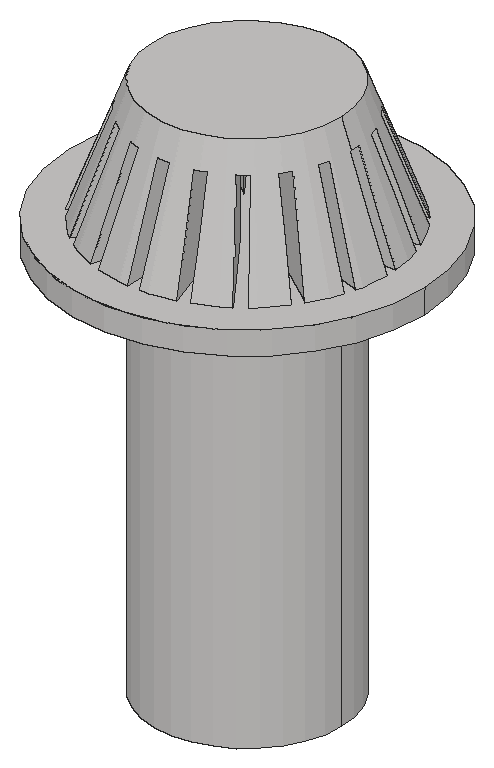
Revit family "22142613 - Roof Drains - Type A", category Mechanical Equipment, host Face, Revit 2019
Family settings
  Host = Face
  Round Connector Dimension = Use Radius
  Part Type = Normal
  OmniClass Number = 23.70.50.24.17
  OmniClass Title = Siphonic Drains
  Cut with Voids When Loaded = No
  Shared = No
  Room Calculation Point = No
Parameters (values of type "15" Strainer - 8" Drain")
  Pipe Radius = 4"
  Pipe Diameter = Pipe Radius * 2  # 8"
  Roof Drain Material = ROOF DRAIN, TYP.
  Pipe Material = ROOF DRAIN, TYP.
  Overall Radius = 0' - 7 1/2"
  Overall Diameter = Overall Radius * 2  # 1' - 3"
  Default Elevation = 0' - 0"
  Assembly Code = ""
Reference planes (in)
  plane 1 "Center (Front/Back)": y = 0
  plane 2: z = 0
  plane 3 "Center (Left/Right)": x = 0
Forms (in)
  Extrusion 1, solid, material "ROOF DRAIN, TYP." <- "Pipe Material"
    sketch origin (0, 0, 0) x (1, 0, 0) y (0, 1, 0)
      loop
        circle (0, 0) r 4
    from -16.79912 to 0
  Extrusion 2, solid, material "ROOF DRAIN, TYP." <- "Roof Drain Material"
    sketch origin (0, 0, 0) x (1, 0, 0) y (0, 1, 0)
      loop
        circle (0, 0) r 7.5
    from 0 to 1
  Blend 3, solid, material "ROOF DRAIN, TYP." <- "Roof Drain Material"
    base sketch origin (0, 0, 0) x (1, 0, 0) y (0, 1, 0)
      loop
        circle (0, 0) r 6
    top sketch origin (0, 0, 0) x (1, 0, 0) y (0, 1, 0)
      loop
        circle (0, 0) r 4
    from 1 to 6.25
  Extrusion 4, void
    sketch origin (1.50294, 0, 0) x (1, 0, 0) y (0, 1, 0)
      loop
        line (-1.75294, 7) -> (-1.75294, -6.78171) -> (-1.25294, -6.78171) -> (-1.25294, 7) -> (-1.75294, 7)
    from 1 to 5.13242
  Extrusion 5, void
    sketch origin (1.28006, 0.90425, 0) x (0.809017, 0.587785, 0) y (-0.587785, 0.809017, 0)
      loop
        line (-1.75294, 7) -> (-1.75294, -6.78171) -> (-1.25294, -6.78171) -> (-1.25294, 7) -> (-1.75294, 7)
    from 1 to 5.13242
  Extrusion 6, void
    sketch origin (0.97171, 1.26089, 0) x (0.587785, 0.809017, 0) y (-0.809017, 0.587785, 0)
      loop
        line (-1.75294, 7) -> (-1.75294, -6.78171) -> (-1.25294, -6.78171) -> (-1.25294, 7) -> (-1.75294, 7)
    from 1 to 5.13242
  Extrusion 7, void
    sketch origin (0.56824, 1.5048, 0) x (0.309017, 0.951057, 0) y (-0.951057, 0.309017, 0)
      loop
        line (-1.75294, 7) -> (-1.75294, -6.78171) -> (-1.25294, -6.78171) -> (-1.25294, 7) -> (-1.75294, 7)
    from 1 to 5.13242
  Extrusion 8, void
    sketch origin (0.10915, 1.61209, 0) x (0, 1, 0) y (-1, 0, 0)
      loop
        line (-1.75294, 7) -> (-1.75294, -6.78171) -> (-1.25294, -6.78171) -> (-1.25294, 7) -> (-1.75294, 7)
    from 1 to 5.13242
  Extrusion 9, void
    sketch origin (-0.36063, 1.57225, 0) x (-0.309017, 0.951057, 0) y (-0.951057, -0.309017, 0)
      loop
        line (-1.75294, 7) -> (-1.75294, -6.78171) -> (-1.25294, -6.78171) -> (-1.25294, 7) -> (-1.75294, 7)
    from 1 to 5.13242
  Extrusion 10, void
    sketch origin (-0.7951, 1.3892, 0) x (-0.587785, 0.809017, 0) y (-0.809017, -0.587785, 0)
      loop
        line (-1.75294, 7) -> (-1.75294, -6.78171) -> (-1.25294, -6.78171) -> (-1.25294, 7) -> (-1.75294, 7)
    from 1 to 5.13242
  Extrusion 11, void
    sketch origin (-1.15175, 1.08085, 0) x (-0.809017, 0.587785, 0) y (-0.587785, -0.809017, 0)
      loop
        line (-1.75294, 7) -> (-1.75294, -6.78171) -> (-1.25294, -6.78171) -> (-1.25294, 7) -> (-1.75294, 7)
    from 1 to 5.13242
  Extrusion 12, void
    sketch origin (-1.39565, 0.67738, 0) x (-0.951057, 0.309017, 0) y (-0.309017, -0.951057, 0)
      loop
        line (-1.75294, 7) -> (-1.75294, -6.78171) -> (-1.25294, -6.78171) -> (-1.25294, 7) -> (-1.75294, 7)
    from 1 to 5.13242
  Extrusion 13, void
    sketch origin (1.46311, 0.46978, 0) x (0.951057, 0.309017, 0) y (-0.309017, 0.951057, 0)
      loop
        line (-1.75294, 7) -> (-1.75294, -6.78171) -> (-1.25294, -6.78171) -> (-1.25294, 7) -> (-1.75294, 7)
    from 1 to 5.13242
Cuts and joins
  Extrusion 4, Extrusion 5, Extrusion 6, Extrusion 7, Extrusion 8, Extrusion 9, Extrusion 10, Extrusion 11, Extrusion 12, Extrusion 13 cuts Blend 3
  Extrusion 4, Extrusion 5, Extrusion 6, Extrusion 7, Extrusion 8, Extrusion 9, Extrusion 10, Extrusion 11, Extrusion 12, Extrusion 13 cuts Extrusion 1
  Extrusion 4, Extrusion 5, Extrusion 6, Extrusion 7, Extrusion 8, Extrusion 9, Extrusion 10, Extrusion 11, Extrusion 12, Extrusion 13 cuts Extrusion 2
Dimensions and locks (in)
  "Pipe Radius": radius of Extrusion 1 sketch curve
  "Overall Radius": radius of Extrusion 2 sketch curve
  aligned and locked: plane 2 to host face
  aligned and locked: level to host face
  aligned and locked: Blend 3 to Extrusion 2
  aligned and locked: level to Extrusion 1
  aligned and locked: plane 1 "Center (Front/Back)" to Extrusion 2 sketch curve
  aligned and locked: plane 3 "Center (Left/Right)" to Extrusion 2 sketch curve
Automatic sketch dimensions
  Extrusion 1 sketch curve to plane 1 "Center (Front/Back)" = 0' - 0"
  Extrusion 1 sketch curve to plane 3 "Center (Left/Right)" = 0' - 0"
  Blend 3 sketch curve to plane 1 "Center (Front/Back)" = 0' - 0"  (x2)
  Blend 3 sketch curve to plane 3 "Center (Left/Right)" = 0' - 0"  (x2)
  Extrusion 4 sketch curve to plane 3 "Center (Left/Right)" = 0' - 0 1/4"
  plane 3 "Center (Left/Right)" to Extrusion 4 sketch curve = 0' - 0 1/4"
  plane 1 "Center (Front/Back)" to Extrusion 4 sketch curve = 0' - 6.78171"
  Extrusion 4 sketch curve to plane 1 "Center (Front/Back)" = 0' - 7"
  plane 3 "Center (Left/Right)" to Extrusion 5 sketch curve = 0' - 3.84809"
  plane 1 "Center (Front/Back)" to Extrusion 5 sketch curve = 0' - 5.61262"
  Extrusion 5 sketch curve to Extrusion 5 sketch curve = 0' - 0 1/2"
  Extrusion 5 sketch curve to Extrusion 5 sketch curve = 1' - 1.78171"
  plane 1 "Center (Front/Back)" to Extrusion 6 sketch curve = 0' - 4.14345"
  plane 3 "Center (Left/Right)" to Extrusion 6 sketch curve = 0' - 5.42787"
  Extrusion 6 sketch curve to Extrusion 6 sketch curve = 0' - 0 1/2"
  Extrusion 6 sketch curve to Extrusion 6 sketch curve = 1' - 1.78171"
  plane 1 "Center (Front/Back)" to Extrusion 7 sketch curve = 0' - 2.25801"
  plane 3 "Center (Left/Right)" to Extrusion 7 sketch curve = 0' - 6.47634"
  Extrusion 7 sketch curve to Extrusion 7 sketch curve = 0' - 0 1/2"
  Extrusion 7 sketch curve to Extrusion 7 sketch curve = 1' - 1.78171"
  plane 1 "Center (Front/Back)" to Extrusion 8 sketch curve = 0' - 0.14085"
  Extrusion 8 sketch curve to plane 1 "Center (Front/Back)" = 0' - 0.35915"
  plane 3 "Center (Left/Right)" to Extrusion 8 sketch curve = 0' - 6.89085"
  Extrusion 8 sketch curve to plane 3 "Center (Left/Right)" = 0' - 6.89085"
  Extrusion 9 sketch curve to plane 1 "Center (Front/Back)" = 0' - 2.00077"
  plane 3 "Center (Left/Right)" to Extrusion 9 sketch curve = 0' - 6.63085"
  Extrusion 9 sketch curve to Extrusion 9 sketch curve = 0' - 0 1/2"
  Extrusion 9 sketch curve to Extrusion 9 sketch curve = 1' - 1.78171"
  Extrusion 10 sketch curve to plane 1 "Center (Front/Back)" = 0' - 3.95723"
  plane 3 "Center (Left/Right)" to Extrusion 10 sketch curve = 0' - 5.72176"
  Extrusion 10 sketch curve to Extrusion 10 sketch curve = 0' - 0 1/2"
  Extrusion 10 sketch curve to Extrusion 10 sketch curve = 1' - 1.78171"
  plane 3 "Center (Left/Right)" to Extrusion 11 sketch curve = 0' - 4.2526"
  Extrusion 11 sketch curve to plane 1 "Center (Front/Back)" = 0' - 5.53702"
  Extrusion 11 sketch curve to Extrusion 11 sketch curve = 0' - 0 1/2"
  Extrusion 11 sketch curve to Extrusion 11 sketch curve = 1' - 1.78171"
  plane 3 "Center (Left/Right)" to Extrusion 12 sketch curve = 0' - 2.36716"
  Extrusion 12 sketch curve to plane 1 "Center (Front/Back)" = 0' - 6.58548"
  Extrusion 12 sketch curve to Extrusion 12 sketch curve = 0' - 0 1/2"
  Extrusion 12 sketch curve to Extrusion 12 sketch curve = 1' - 1.78171"
  plane 3 "Center (Left/Right)" to Extrusion 13 sketch curve = 0' - 1.89163"
  plane 1 "Center (Front/Back)" to Extrusion 13 sketch curve = 0' - 6.5217"
  Extrusion 13 sketch curve to Extrusion 13 sketch curve = 0' - 0 1/2"
  Extrusion 13 sketch curve to Extrusion 13 sketch curve = 1' - 1.78171"
  host sketch curve to host sketch curve = 8' - 0"  (x2)
  radius of Blend 3 sketch curve = 0' - 6"
  radius of Blend 3 sketch curve = 0' - 4"
Connectors (in)
  piping at (0, 0, -16.79912), diameter 8, driven by "Pipe Radius"
    settings: on cut or joined group of Extrusion 1, Extrusion 4, Extrusion 5, Extrusion 6, Extrusion 7, Extrusion 8, Extrusion 9, Extrusion 10, Extrusion 11, Extrusion 12, Extrusion 13, index 1, connector inside diameter 8", connector length 0' - 0", flow factor 0, pipe flow 0 GPM, pressure drop 0.00 psi, fitting loss kfactor 0, connector angle 0.00°, fixture units 0, engagement length 0' - 0", angle of deflection 0.00°, flow configuration 1, flow direction 2, fitting loss method 0, system type 16, joint type 0, gender type 0, connector reference index -1, connector utility 0, adjustable connector no, is connector primary yes, connector description "Out"
